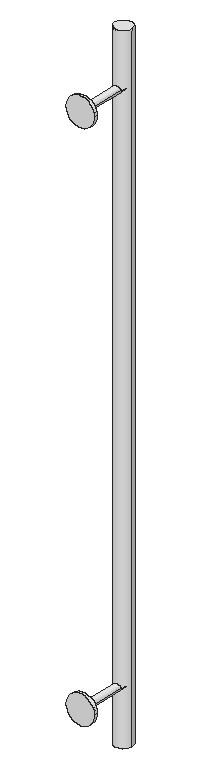
Revit family
Parameters
  Manufacturer = "Revit"
  Ironmongery Material = Ironmongery - SS
  Handle Z Distance = 0 mm
  Handle X Distance = 65 mm
  Handle Offset = 75 mm
  Handle Depth = 750 mm
Reference planes
  plane 1 "Center (Front/Back)": y = 0
  plane 2: z = 0
  plane 3 "Center (Left/Right)": x = 0
  plane 4: z = 0
  plane 5: x = 65
  plane 6: z = 375
  plane 7: z = -375
  plane 8: y = 75
  plane 9: z = 450
  plane 10: z = -450
Forms (mm)
  Extrusion 1, solid, material "Ironmongery - SS" <- "Ironmongery Material"
    sketch origin (0, 0, 0) x (1, 0, 0) y (0, 0, 1)
      loop
        circle (65, 375) r 20
      loop
        circle (65, -375) r 20
    from 0 to -4
  Extrusion 2, solid, material "Ironmongery - SS" <- "Ironmongery Material"
    sketch origin (0, 4, 0) x (-1, 0, 0) y (0, 0, 1)
      loop
        circle (-65, 375) r 5
      loop
        circle (-65, -375) r 5
    from 0 to 71
  Extrusion 3, solid, material "Ironmongery - SS" <- "Ironmongery Material"
    sketch origin (0, 0, 0) x (1, 0, 0) y (0, 1, 0)
      loop
        circle (65, 75) r 12
    from -450 to 450
Dimensions and locks
  "Handle Z Distance": plane 4 to level
  "Handle X Distance": plane 5 to plane 3 "Center (Left/Right)"
  equal spacing: plane 6, plane 4, plane 7
  "Handle Depth": plane 6 to plane 7
  "Handle Offset": plane 1 "Center (Front/Back)" to plane 8
  locked: plane 6 to plane 9 at 75
  locked: plane 10 to plane 7 at 75
  aligned and locked: Extrusion 2 to plane 8
  aligned and locked: Extrusion 3 to plane 9
  aligned and locked: plane 10 to Extrusion 3
Automatic sketch dimensions
  Extrusion 1 sketch curve to plane 5 = 0 mm  (x2)
  Extrusion 1 sketch curve to plane 7 = 0 mm
  Extrusion 1 sketch curve to plane 6 = 0 mm
  Extrusion 2 sketch curve to plane 5 = 0 mm  (x2)
  Extrusion 2 sketch curve to plane 7 = 0 mm
  Extrusion 2 sketch curve to plane 6 = 0 mm
  Extrusion 3 sketch curve to plane 5 = 0 mm
  Extrusion 3 sketch curve to plane 8 = 0 mm
  radius of Extrusion 1 sketch curve = 20 mm  (x2)
  radius of Extrusion 2 sketch curve = 5 mm  (x2)
  radius of Extrusion 3 sketch curve = 12 mm
